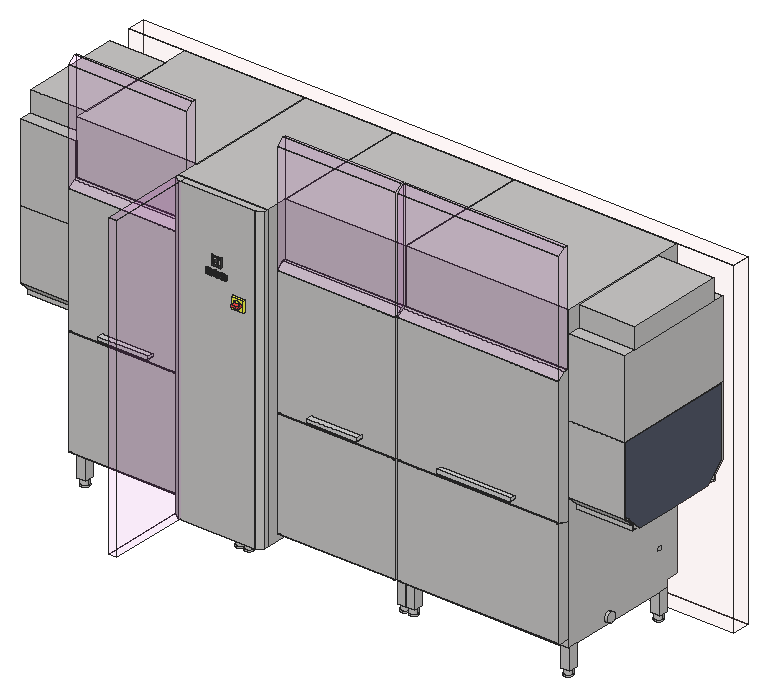
Revit family "QF_ELECTROLUXPROFESSIONAL_535142_EMRA060R", category Attrezzature speciali, Revit 2020
Family settings
  Quota connettore circolare = Usa diametro
  Tipo di parte = Normale
  Basato su piano di lavoro = No
  Sempre verticale = Sì
  Taglio con vuoti quando caricato = No
  Condiviso = No
  Punto di calcolo locali = No
Parameters (values of type "Standard")
  Weight = 569.00 kg
  Watts = 59800 W
  Volts = 380 V
  URL Manufacturer = "https://www.electroluxprofessional.com/"
  URL = "https://www.electroluxprofessional.com/"
  Steam Supply Size = 0 mm
  Steam Supply Minimum Pressure = 0.0 Pa
  Steam Supply Maximum Pressure = 0.0 Pa
  Steam Consumption per Hour = 0
  Show Logo [instance] = yes
  Show Clearance [instance] = yes
  Refrigeration Suction Line Size = 0 mm
  Refrigeration Liquid Line Size = 0 mm
  Refrigerant Compressor Remote = yes
  Prospetto di default = 0 mm
  Produttore = "Electrolux Professional"
  Phase = 3
  Modello = "EMRA060R"
  Length Actual = 3270 mm  # constant formula
  Item Number = "535142"
  Hot Water Size = 19.05 mm
  Height Actual = 1785 mm  # constant formula
  HP = "80.2 HP"
  Gas Size = 0 mm
  Gas KW = 0
  Gas Input Pressure = 0 W
  Direct Waste Size = 50 mm
  Descrizione = "MULTI RINSE RACK TYPE, DIN, A0 60, R>L"
  Depth Actual = 895 mm  # constant formula
  Cycle = 50 Hz
  Condensate Return Size = 0 mm
  Compressed Air Volume = 0.0 L/s
  Compressed Air Size = 0 mm
  Compressed Air Pressure = 0.0 Pa
  Cold Water Size = 19.05 mm
  Accessory = yes
Reference planes
  plane 1 "Center (Front/Back)": y = 50
  plane 2: z = 0
  plane 3 "LEFT": x = -776
  plane 4 "RIGHT": x = 2494
  plane 5 "BACK": y = 450
  plane 6: z = 2095
  plane 7: z = 1785
  plane 8: y = -220
  plane 9: x = 859
  plane 10: y = -277.999
  plane 11: through (319, 430.532, 4000) normal (0.7071, 0.7071, 0)
  plane 12: through (339, 430.532, 4000) normal (0.7071, -0.7071, 0)
  plane 13: through (509, 430.532, 4000) normal (0.7071, -0.7071, 0)
  plane 14: through (489, 430.532, 4000) normal (0.7071, 0.7071, 0)
  plane 15: through (404, -302, 4000) normal (0.7071, 0.7071, 0)
  plane 16: through (424, -302, 4000) normal (0.7071, -0.7071, 0)
  plane 17: through (0, 318, 353) normal (0, 0.7071, -0.7071)
  plane 18: through (0, 318, 373) normal (0, -0.7071, -0.7071)
Forms (mm)
  Extrusion 1, solid, material "QF_Finishes_Clearance", visible <- "Show Clearance"
    sketch origin (0, 0, 0) x (1, 0, 0) y (0, 1, 0)
      loop
        line (-776, 450) -> (2494, 450) -> (2494, 550) -> (-776, 550) -> (-776, 450)
    from 0 to 1785
  Extrusion 2, solid, material "QF_Finishes_Stainless Steel"
    sketch origin (-88.596, 247.509, 148) x (0, -1, 0) y (1, 0, 0)
      loop
        line (-163.023, 407.596) -> (-163.023, 427.596) -> (-183.023, 427.596) -> (-183.023, 407.596) -> (-163.023, 407.596)
    from 0 to 2
  Extrusion 3, solid, material "QF_Finishes_Stainless Steel"
    sketch origin (-481.617, 892.464, 1271.423) x (0, 0, -1) y (0, 1, 0)
      loop
        circle (1102.159, -772.464) r 10
    from -9.383 to 5.617
  Extrusion 4, solid, material "QF_Finishes_Stainless Steel"
    sketch origin (916.596, 247.509, 148) x (0, 1, 0) y (-1, 0, 0)
      loop
        line (163.023, 407.596) -> (183.023, 407.596) -> (183.023, 427.596) -> (163.023, 427.596) -> (163.023, 407.596)
    from 0 to 2
  Extrusion 5, solid, material "QF_Finishes_Stainless Steel"
    sketch origin (-3.596, -485.023, 148) x (0, -1, 0) y (1, 0, 0)
      loop
        line (-163.023, 407.596) -> (-163.023, 427.596) -> (-183.023, 427.596) -> (-183.023, 407.596) -> (-163.023, 407.596)
    from 0 to 2
  Extrusion 6, solid, material "QF_Finishes_Stainless Steel"
    sketch origin (-481.617, 752.464, 1271.423) x (0, 0, -1) y (0, 1, 0)
      loop
        circle (1102.159, -772.464) r 10
    from -9.383 to 5.617
  Extrusion 7, solid, material "QF_Finishes_Stainless Steel"
    sketch origin (2199.617, 752.464, 1289.423) x (0, 0, -1) y (0, -1, 0)
      loop
        circle (1102.159, 772.464) r 25
    from -9.383 to 5.617
  Extrusion 8, solid, material "QF_Finishes_Stainless Steel"
    sketch origin (-478, 249.977, 990.404) x (0, 0, 1) y (0, -1, 0)
      loop
        line (407.596, -163.023) -> (407.596, -183.023) -> (427.596, -183.023) -> (427.596, -163.023) -> (407.596, -163.023)
    from 0 to 2
  Extrusion 9, solid, material "QF_Finishes_Stainless Steel"
    sketch origin (-478, 249.977, 940.404) x (0, 0, 1) y (0, -1, 0)
      loop
        line (407.596, -163.023) -> (407.596, -183.023) -> (427.596, -183.023) -> (427.596, -163.023) -> (407.596, -163.023)
    from 0 to 2
  Extrusion 10, solid, material "QF_Finishes_Stainless Steel"
    sketch origin (2186, 249.977, 990.404) x (0, 0, 1) y (0, 1, 0)
      loop
        line (407.596, 163.023) -> (427.596, 163.023) -> (427.596, 183.023) -> (407.596, 183.023) -> (407.596, 163.023)
    from 0 to 2
  Extrusion 11, solid, material "QF_Finishes_Stainless Steel"
    sketch origin (2186, 249.977, 940.404) x (0, 0, 1) y (0, 1, 0)
      loop
        line (407.596, 163.023) -> (427.596, 163.023) -> (427.596, 183.023) -> (407.596, 183.023) -> (407.596, 163.023)
    from 0 to 2
  Extrusion 12, solid, material "QF_Finishes_Stainless Steel"
    sketch origin (2191, 154.977, -54.596) x (0, 0, 1) y (0, 1, 0)
      loop
        line (407.596, 163.023) -> (427.596, 163.023) -> (427.596, 183.023) -> (407.596, 183.023) -> (407.596, 163.023)
    from 0 to 2
  Extrusion 13, solid, material "QF_Finishes_Stainless Steel"
    sketch origin (-599.023, 452, -177.096) x (0, 0, 1) y (-1, 0, 0)
      loop
        line (407.596, -163.023) -> (407.596, -183.023) -> (427.596, -183.023) -> (427.596, -163.023) -> (407.596, -163.023)
    from 0 to 2
  Extrusion 14, solid, material "QF_Finishes_Stainless Steel"
    sketch origin (-478, 154.977, -54.596) x (0, 0, 1) y (0, -1, 0)
      loop
        line (407.596, -163.023) -> (407.596, -183.023) -> (427.596, -183.023) -> (427.596, -163.023) -> (407.596, -163.023)
    from 0 to 2
  Extrusion 15, solid, material "QF_Finishes_Door Clearance", visible <- "Show Clearance"
    sketch origin (979, 66.742, 602) x (0, 1, 0) y (0, 0, 1)
      loop
        line (-351.742, 1493) -> (-368.817, 1493) -> (-408.742, 1463.413) -> (-408.742, 861.413) -> (-368.817, 891) -> (-351.742, 891) -> (-351.742, 1493)
    from -320 to 320
  Extrusion 16, solid, material "QF_Finishes_Door Clearance", visible <- "Show Clearance"
    sketch origin (-150.352, 66.742, 602) x (0, 1, 0) y (0, 0, 1)
      loop
        line (-351.742, 1493) -> (-368.817, 1493) -> (-408.742, 1463.413) -> (-408.742, 861.413) -> (-368.817, 891) -> (-351.742, 891) -> (-351.742, 1493)
    from -320 to 320
  Extrusion 17, solid, material "QF_Finishes_Door Clearance", visible <- "Show Clearance"
    sketch origin (251.211, 799.242, 0) x (1, 0, 0) y (0, 1, 0)
      loop
        line (-76.563, -1201.332) -> (-76.563, -1674.242) -> (-34.063, -1674.242) -> (-34.063, -1201.332) -> (-76.563, -1201.332)
    from 150 to 1785
  Extrusion 18, solid, material "QF_Finishes_Door Clearance", visible <- "Show Clearance"
    sketch origin (1629, 66.742, 602) x (0, 1, 0) y (0, 0, 1)
      loop
        line (-351.742, 1493) -> (-368.817, 1493) -> (-408.742, 1463.413) -> (-408.742, 861.413) -> (-368.817, 891) -> (-351.742, 891) -> (-351.742, 1493)
    from -320 to 555
Dimensions and locks
  plane 3 "LEFT" to plane 4 "RIGHT" = 3270 mm
  plane 6 to level = 2095 mm
  plane 7 to level = 1785 mm
  nested 1 to level = 2095 mm
  nested 2 to plane 10 = 167 mm
  nested 4 to nested 5 = 2665 mm
  nested 7 to nested 4 = 796 mm
  nested 5 to nested 6 = 1681 mm
  nested 1 to Extrusion 1 = 300 mm
  Extrusion 1 to nested 3 = 1190 mm
  nested 2 to nested 3 = 894.999 mm
  plane 3 "LEFT" to plane 9 to plane 4 "RIGHT" = 1635 mm, 1635 mm
  aligned and locked: level to plane 2
Nested families
  nested 1: "MODULO_GRANDE - 650" at (-90.437, 61.742, 0), type "MODULO_GRANDE - 650"
    with Show Logo yes, Show Clearance yes
  nested 2: "MODULO_CENTRALE - 480" at (250.563, 799.242, 0), type "MODULO_CENTRALE - 480"
    with Show Right yes, Show Logo yes, Show Left no, Show Clearance yes
  nested 3: "MODULO_GRANDE - 650" at (1039.563, 61.742, 0), type "MODULO_GRANDE - 650"
    with Show Logo yes, Show Clearance yes
  nested 4: "Piedino_Square_150H" at (-452.5, -254.499, 0), type "Piedino_Square_150H"
  nested 5: "Piedino_Square_150H" at (2165.5, -254.499, 0), type "Piedino_Square_150H"
  nested 6: "Piedino_Square_150H" at (437.5, -254.499, 0), type "Piedino_Square_150H"
  nested 7: "Piedino_Square_150H" at (390.5, -254.499, 0), type "Piedino_Square_150H"
  nested 8: "Piedino_Square_150H" at (-452.5, 354.5, 0), type "Piedino_Square_150H"
  nested 9: "Piedino_Square_150H" at (2165.5, 354.5, 0), type "Piedino_Square_150H"
  nested 10: "Piedino_Square_150H" at (437.5, 354.5, 0), type "Piedino_Square_150H"
  nested 11: "Piedino_Square_150H" at (390.5, 354.5, 0), type "Piedino_Square_150H"
  nested 12: "HOODV_300" at (2577.563, 61.742, -112), type "HOODV_300"
  nested 13: "HOODV_300" at (-859.563, 61.742, -112) x (-1, 0, 0) z (0, 0, 1), type "HOODV_300"
  nested 14: "Piedino_Square_150H" at (1327.5, -254.499, 0), type "Piedino_Square_150H"
  nested 15: "Piedino_Square_150H" at (1280.5, -254.499, 0), type "Piedino_Square_150H"
  nested 16: "Piedino_Square_150H" at (1327.5, 354.5, 0), type "Piedino_Square_150H"
  nested 17: "Piedino_Square_150H" at (1280.5, 354.5, 0), type "Piedino_Square_150H"
  nested 18: "MODULO_GRANDE" at (1689.563, 61.742, 0), type "MODULO_GRANDE"
    with Show Logo yes, Show Clearance yes
  nested 19: "ELX_LOGO_WORDS_MEDIUM" at (414, -444.999, 1409.331) x (1, 0, 0) z (0, -1, 0), Show Logo <- "Show Logo", visible <- "Show Logo", type "ELX_LOGO_WORDS_MEDIUM"
    with Show Logo yes
  nested 20: "ELXP_LOGO_ONLY_MEDIUM" at (414, -444.999, 1469.642) x (1, 0, 0) z (0, -1, 0), Show Logo <- "Show Logo", visible <- "Show Logo", type "ELXP_LOGO_ONLY_MEDIUM"
    with Show Logo yes
Connectors
  electrical at (329, 420.532, 148)
    settings: on Extrusion 2, index 128, voltage 0 V, apparent load 0 VA, apparent load phase1 0 VA, apparent load phase2 0 VA, apparent load phase3 0 VA, power factor 1, load classification "Altro", number of poles 1, system type 30, power factor state 1, is connector primary yes, connector utility no, sub classification motor no, connector description "EI"
  piping at (-491, 120, 169.264), diameter 12.9
    settings: on Extrusion 3, index 137, connector inside diameter 609.6 mm, connector length 0 mm, flow factor 0, pipe flow 0.0 L/s, pressure drop 0.0 Pa, fitting loss kfactor 0, connector angle 0.00°, fixture units 0, engagement length 0 mm, angle of deflection 0.00°, flow configuration 0, flow direction 0, fitting loss method 0, system type 29, joint type 0, gender type 0, connector reference index -1, connector utility 0, adjustable connector no, is connector primary yes, connector description "WI"
  electrical at (499, 420.532, 148)
    settings: on Extrusion 4, index 142, voltage 0 V, apparent load 0 VA, apparent load phase1 0 VA, apparent load phase2 0 VA, apparent load phase3 0 VA, power factor 1, load classification "Altro", number of poles 1, system type 30, power factor state 1, is connector primary no, connector utility no, sub classification motor no, connector description "EI"
  electrical at (414, -312, 148)
    settings: on Extrusion 5, index 143, voltage 0 V, apparent load 0 VA, apparent load phase1 0 VA, apparent load phase2 0 VA, apparent load phase3 0 VA, power factor 1, load classification "Altro", number of poles 1, system type 30, power factor state 1, is connector primary no, connector utility no, sub classification motor no, connector description "EI"
  piping at (-491, -20, 169.264), diameter 12.9
    settings: on Extrusion 6, index 144, connector inside diameter 609.6 mm, connector length 0 mm, flow factor 0, pipe flow 0.0 L/s, pressure drop 0.0 Pa, fitting loss kfactor 0, connector angle 0.00°, fixture units 0, engagement length 0 mm, angle of deflection 0.00°, flow configuration 0, flow direction 0, fitting loss method 0, system type 29, joint type 0, gender type 0, connector reference index -1, connector utility 0, adjustable connector no, is connector primary no, connector description "CWI"
  piping at (2209, -20, 187.264), diameter 50
    settings: on Extrusion 7, index 145, connector inside diameter 609.6 mm, connector length 0 mm, flow factor 0, pipe flow 0.0 L/s, pressure drop 0.0 Pa, fitting loss kfactor 0, connector angle 0.00°, fixture units 0, engagement length 0 mm, angle of deflection 0.00°, flow configuration 0, flow direction 0, fitting loss method 0, system type 29, joint type 0, gender type 0, connector reference index -1, connector utility 0, adjustable connector no, is connector primary no, connector description "D"
  electrical at (-478, 423, 1408)
    settings: on Extrusion 8, index 147, voltage 0 V, apparent load 0 VA, apparent load phase1 0 VA, apparent load phase2 0 VA, apparent load phase3 0 VA, power factor 1, load classification "Altro", number of poles 1, system type 30, power factor state 1, is connector primary no, connector utility no, sub classification motor no, connector description "EO"
  electrical at (-478, 423, 1358)
    settings: on Extrusion 9, index 148, voltage 0 V, apparent load 0 VA, apparent load phase1 0 VA, apparent load phase2 0 VA, apparent load phase3 0 VA, power factor 1, load classification "Altro", number of poles 1, system type 30, power factor state 1, is connector primary no, connector utility no, sub classification motor no, connector description "ES"
  electrical at (2186, 423, 1408)
    settings: on Extrusion 10, index 149, voltage 0 V, apparent load 0 VA, apparent load phase1 0 VA, apparent load phase2 0 VA, apparent load phase3 0 VA, power factor 1, load classification "Altro", number of poles 1, system type 30, power factor state 1, is connector primary no, connector utility no, sub classification motor no, connector description "EO"
  electrical at (2186, 423, 1358)
    settings: on Extrusion 11, index 150, voltage 0 V, apparent load 0 VA, apparent load phase1 0 VA, apparent load phase2 0 VA, apparent load phase3 0 VA, power factor 1, load classification "Altro", number of poles 1, system type 30, power factor state 1, is connector primary no, connector utility no, sub classification motor no, connector description "ES"
  electrical at (2191, 328, 363)
    settings: on Extrusion 12, index 151, voltage 0 V, apparent load 0 VA, apparent load phase1 0 VA, apparent load phase2 0 VA, apparent load phase3 0 VA, power factor 1, load classification "Altro", number of poles 1, system type 30, power factor state 1, is connector primary no, connector utility no, sub classification motor no, connector description "ES"
  electrical at (-426, 452, 240.5)
    settings: on Extrusion 13, index 155, voltage 0 V, apparent load 0 VA, apparent load phase1 0 VA, apparent load phase2 0 VA, apparent load phase3 0 VA, power factor 1, load classification "Altro", number of poles 1, system type 30, power factor state 1, is connector primary no, connector utility no, sub classification motor no, connector description "EQ"
  electrical at (-478, 328, 363)
    settings: on Extrusion 14, index 156, voltage 0 V, apparent load 0 VA, apparent load phase1 0 VA, apparent load phase2 0 VA, apparent load phase3 0 VA, power factor 1, load classification "Altro", number of poles 1, system type 30, power factor state 1, is connector primary no, connector utility no, sub classification motor no, connector description "ES"
Definition of nested family "MODULO_GRANDE - 650"
  Parameters (values of type "MODULO_GRANDE - 650")
    URL = "http://professional.electrolux.com"
    Show Logo [instance] = yes
    Default Elevation = 0 mm
    Manufacturer = "Electrolux"
    Model = "ESR10E5"
    Length Actual = 0 mm
    Show Clearance [instance] = yes
    Height Actual = 0 mm
    Description = "SINGLE RINSE RT, 100R/H, ELECTRIC 50HZ"
    Depth Actual = 0 mm
  Reference planes
    plane 1: z = 0
    plane 2 "LEFT": x = -385.563
    plane 3 "RIGHT": x = 264.437
    plane 4 "BACK": y = 388.258
    plane 5 "FEET": z = 150
    plane 6: z = 2095
    plane 7 "TOP": z = 1785
  Forms (mm)
    Extrusion 1, solid
      sketch origin (-727.563, 442.565, 4000) x (0, 1, 0) y (0, 0, 1)
        loop
          line (-54.307, -2507) -> (-786.307, -2507) -> (-786.307, -3850) -> (-126.307, -3850) -> (-126.307, -3812) -> (-54.307, -3812) -> (-54.307, -2507)
      from 992 to 342
    Extrusion 2, solid
      sketch origin (105, 0, 0) x (1, 0, 0) y (0, 1, 0)
        loop
          line (-490.563, 388.258) -> (-490.563, -343.742) -> (159.437, -343.742) -> (159.437, 388.258) -> (-490.563, 388.258)
      from 1493 to 1785
  Dimensions and locks
    plane 2 "LEFT" to plane 3 "RIGHT" = 650 mm
    plane 5 "FEET" to level = 150 mm
    plane 5 "FEET" to plane 7 "TOP" = 1635 mm
    plane 3 "RIGHT" to plane 2 "LEFT" = 650 mm
    plane 4 "BACK" to Extrusion 2 = 732 mm
    aligned and locked: level to plane 1
  Nested families
    nested 1: "Door_650_DISHWASHING" at (-452, 5, 0), type "Door_650_DISHWASHING"
      with Show Clearance yes
  Definition of nested family "Door_650_DISHWASHING"
    Parameters (values of type "Door_650_DISHWASHING")
      Show Clearance [instance] = yes
      Default Elevation = 0 mm
    Reference planes
      plane 1: z = 0
      plane 2 "Center Y": x = 391.437
      plane 3 "LEFT": x = 71.437
      plane 4 "RIGHT": x = 711.437
      plane 5 "FRONT": y = -408.742
      plane 6: z = 150
      plane 7: y = -348.742
    Forms (mm)
      Extrusion 1, solid
        sketch origin (766.937, -408.742, 1493) x (0, 0, -1) y (1, 0, 0)
          loop
            line (686, -505.5) -> (686, -245.5)
            arc (686, -245.5) -> (684.536, -241.964) -> (681, -240.5) r 5
            line (681, -240.5) -> (666, -240.5) -> (666, -510.5) -> (681, -510.5)
            arc (681, -510.5) -> (684.536, -509.036) -> (686, -505.5) r 5
        from 0 to 30
      Extrusion 2, solid
        sketch origin (391.437, 0, 0) x (0, 1, 0) y (0, 0, 1)
          loop
            line (-348.742, 188) -> (-348.742, 758.131) -> (-405.595, 774.035)
            arc (-405.595, 774.035) -> (-407.764, 773.603) -> (-408.742, 771.62) r 2.5
            line (-408.742, 771.62) -> (-408.742, 190.5)
            arc (-408.742, 190.5) -> (-408.01, 188.732) -> (-406.242, 188) r 2.5
            line (-406.242, 188) -> (-348.742, 188)
        from -320 to 320
      Extrusion 3, solid
        sketch origin (391.437, 0, 0) x (0, 1, 0) y (0, 0, 1)
          loop
            line (-351.742, 1493) -> (-368.817, 1493) -> (-408.742, 1463.413) -> (-408.742, 778.225)
            arc (-408.742, 778.225) -> (-408.225, 776.703) -> (-406.889, 775.81) r 2.5
            line (-406.889, 775.81) -> (-354.889, 761.206)
            arc (-354.889, 761.206) -> (-352.72, 761.638) -> (-351.742, 763.621) r 2.5
            line (-351.742, 763.621) -> (-351.742, 1493)
        from -320 to 320
    Lines and regions (mm)
      symbolic lines
        curve 1: line (76.437, -408.742, 1785) -> (76.437, -348.742, 1785)
        curve 2: line (706.437, -408.742, 1785) -> (76.437, -408.742, 1785)
        curve 3: line (706.437, -348.742, 1785) -> (706.437, -408.742, 1785)
        curve 4: line (191.437, -438.742, 1785) -> (191.437, -408.742, 1785)
        curve 5: line (591.437, -438.742, 1785) -> (191.437, -438.742, 1785)
        curve 6: line (591.437, -408.742, 1785) -> (591.437, -438.742, 1785)
    Dimensions and locks
      plane 3 "LEFT" to plane 4 "RIGHT" = 640 mm
      plane 6 to level = 150 mm
      equal spacing: plane 3 "LEFT", plane 2 "Center Y", plane 4 "RIGHT"
      plane 4 "RIGHT" to plane 3 "LEFT" = 640 mm
      aligned and locked: level to plane 1
    Automatic sketch dimensions
      Extrusion 2 sketch curve to plane 5 "FRONT" = 0 mm
      Extrusion 2 sketch curve to plane 7 = 0 mm
      plane 5 "FRONT" to Extrusion 2 sketch curve = 2.5 mm
      Extrusion 2 sketch curve to Extrusion 2 sketch curve = 2.5 mm
      Extrusion 2 sketch curve to Extrusion 2 sketch curve = 0.647 mm
      plane 6 to Extrusion 2 sketch curve = 38 mm
      Extrusion 2 sketch curve to Extrusion 2 sketch curve = 570.131 mm
      Extrusion 2 sketch curve to Extrusion 2 sketch curve = 13.489 mm
      Extrusion 3 sketch curve to plane 5 "FRONT" = 0 mm
      plane 5 "FRONT" to Extrusion 3 sketch curve = 1.853 mm
      Extrusion 3 sketch curve to Extrusion 3 sketch curve = 0.647 mm  (x2)
      Extrusion 3 sketch curve to plane 7 = 20.076 mm
      Extrusion 3 sketch curve to plane 7 = 6.147 mm
      Extrusion 3 sketch curve to plane 7 = 3 mm
      plane 6 to Extrusion 3 sketch curve = 611.206 mm
      Extrusion 3 sketch curve to Extrusion 3 sketch curve = 14.603 mm
      Extrusion 3 sketch curve to Extrusion 3 sketch curve = 685.188 mm
      Extrusion 3 sketch curve to Extrusion 3 sketch curve = 29.587 mm
      curve 1 to plane 7 = 0 mm
      curve 3 to plane 7 = 0 mm
      curve 2 to plane 5 "FRONT" = 0 mm
      curve 5 to plane 5 "FRONT" = 30 mm
      plane 3 "LEFT" to curve 2 = 5 mm
      curve 5 to plane 2 "Center Y" = 200 mm
      plane 2 "Center Y" to curve 5 = 200 mm
      curve 2 to plane 4 "RIGHT" = 5 mm
      Extrusion 1 sketch curve to plane 2 "Center Y" = 135 mm
      plane 6 to Extrusion 1 sketch curve = 677 mm
      Extrusion 1 sketch curve to Extrusion 1 sketch curve = 15 mm
      Extrusion 1 sketch curve to Extrusion 1 sketch curve = 5 mm  (x2)
      plane 2 "Center Y" to Extrusion 1 sketch curve = 130 mm
Definition of nested family "MODULO_CENTRALE - 480"
  Parameters (values of type "MODULO_CENTRALE - 480")
    Show Right [instance] = not(Show Left)  # yes
    Show Logo [instance] = yes
    Show Left [instance] = no
    Show Clearance [instance] = yes
    Default Elevation = 0 mm
  Reference planes
    plane 1: z = 0
    plane 2 "LEFT": x = -76.563
    plane 3 "BACK": y = -349.242
    plane 4: z = 150
    plane 5: x = 403.437
    plane 6: y = -1244.241
    plane 7: x = 163.438
    plane 8: y = -1674.242
  Forms (mm)
    Extrusion 1, solid
      sketch origin (-163.616, -620, 0) x (1, 0, 0) y (0, 1, 0)
        loop
          line (87.054, 270.758) -> (87.054, -581.332) -> (567.054, -581.332) -> (567.054, 270.758) -> (87.054, 270.758)
      from 150 to 1785
    Extrusion 2, solid
      sketch origin (0, -740.199, 0) x (1, 0, 0) y (0, 1, 0)
        loop
          line (371.13, -504.042) -> (371.973, -503.729) -> (402.789, -480.925) -> (403.437, -479.639) -> (403.437, -461.133) -> (-76.563, -461.133) -> (-76.563, -479.639) -> (-75.915, -480.925) -> (-45.099, -503.729) -> (-44.256, -504.042) -> (371.13, -504.042)
      from 150 to 1785
  Dimensions and locks
    plane 4 to level = 150 mm
    Extrusion 1 to Extrusion 1 = 1635 mm
    plane 5 to plane 2 "LEFT" = 480 mm
    plane 3 "BACK" to plane 8 = 1325 mm
    aligned and locked: level to plane 1
  Nested families
    nested 1: "ON_OFF_GIALLO" at (282.917, -1244.241, 1304.8) x (-1, 0, 0) z (0, -1, 0), visible <- "Show Right", type "ON_OFF_GIALLO"
  Definition of nested family "ON_OFF_GIALLO"
    Parameters
      Default Elevation = 1219.2 mm
    Reference planes
      plane 1 "Centro (Fronte/Retro)": y = 0
      plane 2: z = 0
      plane 3 "Centro (Sinistra/Destra)": x = 0
    Forms (mm)
      Extrusion 1, solid
        sketch origin (0, 0, 0) x (1, 0, 0) y (0, 1, 0)
          loop
            line (-1219.2, 1219.2) -> (-1219.2, -1219.2) -> (1219.2, -1219.2) -> (1219.2, 1219.2) -> (-1219.2, 1219.2)
        from 0 to -304.8
      Blend 2, solid
        base sketch origin (209.903, -1304.8, -0.8) x (-1, 0, 0) y (0, -1, 0)
          loop
            arc (241.024, -1337.8) -> (242.365, -1337.262) -> (242.903, -1335.921) r 1.838
            line (242.903, -1335.921) -> (242.903, -1273.679)
            arc (242.903, -1273.679) -> (242.365, -1272.338) -> (241.024, -1271.8) r 1.838
            line (241.024, -1271.8) -> (178.782, -1271.8)
            arc (178.782, -1271.8) -> (177.441, -1272.338) -> (176.903, -1273.679) r 1.838
            line (176.903, -1273.679) -> (176.903, -1335.921)
            arc (176.903, -1335.921) -> (177.441, -1337.262) -> (178.782, -1337.8) r 1.838
            line (178.782, -1337.8) -> (241.024, -1337.8)
        top sketch origin (209.903, -1304.8, -0.8) x (-1, 0, 0) y (0, -1, 0)
          loop
            line (238.946, -1275.8) -> (180.86, -1275.8) -> (180.86, -1333.8) -> (238.946, -1333.8) -> (238.946, -1275.8)
        from 0.8 to 10.3
      Blend 3, solid
        base sketch origin (209.903, -1304.8, 10.2) x (-1, 0, 0) y (0, -1, 0)
          loop
            arc (224.427, -1310.95) -> (230.577, -1304.8) -> (224.427, -1298.65) r 6.15
            line (224.427, -1298.65) -> (195.379, -1298.65)
            arc (195.379, -1298.65) -> (189.229, -1304.8) -> (195.379, -1310.95) r 6.15
            line (195.379, -1310.95) -> (224.427, -1310.95)
        top sketch origin (209.903, -1304.8, 10.2) x (-1, 0, 0) y (0, -1, 0)
          loop
            arc (195.379, -1300.65) -> (191.229, -1304.8) -> (195.379, -1308.95) r 4.15
            line (195.379, -1308.95) -> (224.427, -1308.95)
            arc (224.427, -1308.95) -> (228.577, -1304.8) -> (224.427, -1300.65) r 4.15
            line (224.427, -1300.65) -> (195.379, -1300.65)
        from -2 to 23
      Extrusion 4, void
        sketch origin (-143.534, -1304.8, -504.042) x (1, 0, 0) y (0, 0, -1)
          loop
            line (117.69, -537.242) -> (135.678, -537.242) -> (132.541, -536.135) -> (117.69, -524.167) -> (117.69, -537.242)
        from 1298.65 to 1310.95
      Extrusion 5, void
        sketch origin (209.903, -1304.8, 9.5) x (0, -1, 0) y (-1, 0, 0)
          loop
            circle (-1304.8, 209.903) r 21
        from 0 to 2
    Cuts and joins
      Extrusion 4 cuts Blend 3
      Extrusion 5 cuts Blend 2
    Dimensions and locks
      aligned and locked: plane 2 to Extrusion 1
      aligned and locked: level to Extrusion 1
Definition of nested family "Piedino_Square_150H"
  Parameters (values of type "Piedino_Square_150H")
    Default Elevation = 0 mm
  Reference planes
    plane 1 "Centro (Fronte/Retro)": y = 0
    plane 2: z = 0
    plane 3 "Centro (Sinistra/Destra)": x = 0
    plane 4: z = 150
  Forms (mm)
    Extrusion 1, solid
      sketch origin (0, 0, 0) x (1, 0, 0) y (0, 1, 0)
        loop
          circle (0, 0) r 23
      from 0 to 5
    Extrusion 2, solid
      sketch origin (0, 0, 5) x (1, 0, 0) y (0, 1, 0)
        loop
          circle (0, 0) r 20
      from 0 to 29.114
    Extrusion 3, solid
      sketch origin (0, 0, 34.114) x (1, 0, 0) y (0, 1, 0)
        loop
          line (-23.5, 23.5) -> (-23.5, -23.5) -> (23.5, -23.5) -> (23.5, 23.5) -> (-23.5, 23.5)
      from 0 to 115.886
  Dimensions and locks
    plane 4 to level = 150 mm
    radius of Extrusion 1 sketch curve = 23 mm
    aligned and locked: level to plane 2
    aligned and locked: Extrusion 1 to level
Definition of nested family "HOODV_300"
  Parameters (values of type "HOODV_300")
    URL = "http://professional.electrolux.com"
    Default Elevation = 0 mm
    Manufacturer = "Electrolux"
    Model = "ESR10E5"
    Description = "SINGLE RINSE RT, 100R/H, ELECTRIC 50HZ"
  Reference planes
    plane 1 "Center X": y = -16.742
    plane 2: z = 0
    plane 3 "LEFT": x = -383.563
    plane 4 "RIGHT": x = -83.563
    plane 5 "BACK": y = 388.258
    plane 6: z = 900
    plane 7 "TOP": z = 1785
    plane 8 "FRONT": y = -408.742
    plane 9: y = -348.742
    plane 10: z = 1365
  Forms (mm)
    Extrusion 1, solid
      sketch origin (293.437, 0, 235) x (0, 1, 0) y (0, 0, 1)
        loop
          line (316.258, 1550) -> (-348.742, 1550) -> (-348.742, 1130) -> (316.258, 1130) -> (316.258, 1550)
      from -677 to -377
    Extrusion 2, solid
      sketch origin (-83.563, 415.936, 4000) x (0, 1, 0) y (0, 0, 1)
        loop
          line (-764.678, -2635) -> (-764.678, -3010) -> (-711.645, -3063.033) -> (-711.645, -3088.033) -> (-691.645, -3088.033) -> (-691.645, -3084.033) -> (-707.645, -3084.033) -> (-707.645, -3061.376) -> (-760.678, -3008.343) -> (-760.678, -2639) -> (-103.678, -2639) -> (-103.678, -3008.343) -> (-156.711, -3061.376) -> (-156.711, -3084.033) -> (-172.711, -3084.033) -> (-172.711, -3088.033) -> (-152.711, -3088.033) -> (-152.711, -3063.033) -> (-99.678, -3010) -> (-99.678, -2635) -> (-764.678, -2635)
      from -300 to 0
    Extrusion 3, solid
      sketch origin (-83.563, 479.936, 4000) x (0, 1, 0) y (0, 0, 1)
        loop
          line (-265.178, -3095) -> (-169.327, -2999.149) -> (-169.327, -2639) -> (-819.029, -2639) -> (-819.029, -2999.149) -> (-723.178, -3095) -> (-522.318, -3095) -> (-265.178, -3095)
      from 0 to -2
    Extrusion 4, solid
      sketch origin (0, 0, 1785) x (1, 0, 0) y (0, 1, 0)
        loop
          line (-383.563, 257.258) -> (-383.563, -279.742) -> (-83.563, -279.742) -> (-83.563, 257.258) -> (-383.563, 257.258)
      from 0 to 112
  Lines and regions (mm)
    symbolic lines
      curve 1: line (-383.563, 316.258, 0) -> (-83.563, 316.258, 0)
      curve 2: line (-383.563, -348.742, 0) -> (-383.563, 316.258, 0)
      curve 3: line (-83.563, -348.742, 0) -> (-383.563, -348.742, 0)
      curve 4: line (-83.563, 316.258, 0) -> (-83.563, -348.742, 0)
      curve 5: line (-383.563, 257.258, 0) -> (-83.563, 257.258, 0)
      curve 6: line (-83.563, -279.742, 0) -> (-383.563, -279.742, 0)
  Dimensions and locks
    plane 3 "LEFT" to plane 4 "RIGHT" = 300 mm
    plane 5 "BACK" to plane 1 "Center X" to plane 8 "FRONT" = 405 mm, 392 mm
    plane 6 to level = 900 mm
    plane 6 to plane 7 "TOP" = 885 mm
    plane 5 "BACK" to plane 8 "FRONT" = 797 mm  (x2)
    plane 4 "RIGHT" to plane 3 "LEFT" = 300 mm
    plane 7 "TOP" to plane 10 = 420 mm
    plane 8 "FRONT" to plane 9 = 60 mm
    aligned and locked: level to plane 2
Definition of nested family "MODULO_GRANDE"
  Parameters (values of type "MODULO_GRANDE")
    URL = "http://professional.electrolux.com"
    Show Logo [instance] = yes
    Default Elevation = 0 mm
    Manufacturer = "Electrolux"
    Model = "ESR10E5"
    Length Actual = 0 mm
    Show Clearance [instance] = yes
    Height Actual = 0 mm
    Description = "SINGLE RINSE RT, 100R/H, ELECTRIC 50HZ"
    Depth Actual = 0 mm
  Reference planes
    plane 1: z = 0
    plane 2 "LEFT": x = -385.563
    plane 3 "RIGHT": x = 499.437
    plane 4 "BACK": y = 388.258
    plane 5 "FEET": z = 150
    plane 6: z = 2095
    plane 7 "TOP": z = 1785
  Forms (mm)
    Extrusion 1, solid
      sketch origin (-727.563, 442.565, 4000) x (0, 1, 0) y (0, 0, 1)
        loop
          line (-54.307, -2507) -> (-786.307, -2507) -> (-786.307, -3850) -> (-126.307, -3850) -> (-126.307, -3812) -> (-54.307, -3812) -> (-54.307, -2507)
      from 1227 to 342
    Extrusion 2, solid
      sketch origin (105, 0, 0) x (1, 0, 0) y (0, 1, 0)
        loop
          line (-490.563, 388.258) -> (-490.563, -343.742) -> (394.437, -343.742) -> (394.437, 388.258) -> (-490.563, 388.258)
      from 1493 to 1785
  Dimensions and locks
    plane 2 "LEFT" to plane 3 "RIGHT" = 885 mm
    plane 5 "FEET" to level = 150 mm
    plane 5 "FEET" to plane 7 "TOP" = 1635 mm
    plane 3 "RIGHT" to plane 2 "LEFT" = 885 mm
    plane 4 "BACK" to Extrusion 2 = 732 mm
    aligned and locked: level to plane 1
  Nested families
    nested 1: "Door_30''_DISHWASHING" at (-457, 5, 0), Show Clearance <- "Show Clearance", type "Door_30''_DISHWASHING"
  Definition of nested family "Door_30''_DISHWASHING"
    Parameters (values of type "Door_30''_DISHWASHING")
      Show Clearance [instance] = yes
      Default Elevation = 0 mm
    Reference planes
      plane 1: z = 0
      plane 2 "Center Y": x = 513.937
      plane 3 "LEFT": x = 71.437
      plane 4 "RIGHT": x = 956.437
      plane 5 "FRONT": y = -408.742
      plane 6: z = 150
      plane 7: y = -348.742
    Forms (mm)
      Extrusion 1, solid
        sketch origin (884.437, -408.742, 1493) x (0, 0, -1) y (1, 0, 0)
          loop
            line (666, -570.5) -> (681, -570.5)
            arc (681, -570.5) -> (684.536, -569.036) -> (686, -565.5) r 5
            line (686, -565.5) -> (686, -175.5)
            arc (686, -175.5) -> (684.536, -171.964) -> (681, -170.5) r 5
            line (681, -170.5) -> (666, -170.5) -> (666, -570.5)
        from 0 to 30
      Extrusion 2, solid
        sketch origin (513.937, 0, 0) x (0, 1, 0) y (0, 0, 1)
          loop
            line (-348.742, 188) -> (-348.742, 758.131) -> (-405.595, 774.035)
            arc (-405.595, 774.035) -> (-407.764, 773.603) -> (-408.742, 771.62) r 2.5
            line (-408.742, 771.62) -> (-408.742, 190.5)
            arc (-408.742, 190.5) -> (-408.01, 188.732) -> (-406.242, 188) r 2.5
            line (-406.242, 188) -> (-348.742, 188)
        from -437.5 to 437.5
      Extrusion 3, solid
        sketch origin (513.937, 0, 0) x (0, 1, 0) y (0, 0, 1)
          loop
            line (-351.742, 1493) -> (-368.817, 1493) -> (-408.742, 1463.413) -> (-408.742, 778.225)
            arc (-408.742, 778.225) -> (-408.225, 776.703) -> (-406.889, 775.81) r 2.5
            line (-406.889, 775.81) -> (-354.889, 761.206)
            arc (-354.889, 761.206) -> (-352.72, 761.638) -> (-351.742, 763.621) r 2.5
            line (-351.742, 763.621) -> (-351.742, 1493)
        from -437.5 to 437.5
    Lines and regions (mm)
      symbolic lines
        curve 1: line (76.437, -408.742, 1785) -> (76.437, -348.742, 1785)
        curve 2: line (951.437, -408.742, 1785) -> (76.437, -408.742, 1785)
        curve 3: line (951.437, -348.742, 1785) -> (951.437, -408.742, 1785)
        curve 4: line (313.937, -438.742, 1785) -> (313.937, -408.742, 1785)
        curve 5: line (713.937, -438.742, 1785) -> (313.937, -438.742, 1785)
        curve 6: line (713.937, -408.742, 1785) -> (713.937, -438.742, 1785)
    Dimensions and locks
      plane 3 "LEFT" to plane 4 "RIGHT" = 885 mm
      plane 6 to level = 150 mm
      equal spacing: plane 3 "LEFT", plane 2 "Center Y", plane 4 "RIGHT"
      aligned and locked: level to plane 1
      aligned and locked: Extrusion 3 to Extrusion 2
    Automatic sketch dimensions
      Extrusion 1 sketch curve to plane 2 "Center Y" = 200 mm
      plane 6 to Extrusion 1 sketch curve = 677 mm
      Extrusion 1 sketch curve to Extrusion 1 sketch curve = 15 mm  (x2)
      Extrusion 1 sketch curve to Extrusion 1 sketch curve = 5 mm
      plane 2 "Center Y" to Extrusion 1 sketch curve = 195 mm
      Extrusion 2 sketch curve to plane 5 "FRONT" = 0 mm
      Extrusion 2 sketch curve to plane 7 = 0 mm
      plane 5 "FRONT" to Extrusion 2 sketch curve = 2.5 mm
      Extrusion 2 sketch curve to Extrusion 2 sketch curve = 2.5 mm
      Extrusion 2 sketch curve to Extrusion 2 sketch curve = 0.647 mm
      plane 6 to Extrusion 2 sketch curve = 38 mm
      Extrusion 2 sketch curve to Extrusion 2 sketch curve = 570.131 mm
      Extrusion 2 sketch curve to Extrusion 2 sketch curve = 13.489 mm
      Extrusion 3 sketch curve to plane 5 "FRONT" = 0 mm
      plane 5 "FRONT" to Extrusion 3 sketch curve = 1.853 mm
      Extrusion 3 sketch curve to Extrusion 3 sketch curve = 0.647 mm  (x2)
      Extrusion 3 sketch curve to plane 7 = 20.076 mm
      Extrusion 3 sketch curve to plane 7 = 6.147 mm
      Extrusion 3 sketch curve to plane 7 = 3 mm
      plane 6 to Extrusion 3 sketch curve = 611.206 mm
      Extrusion 3 sketch curve to Extrusion 3 sketch curve = 14.603 mm
      Extrusion 3 sketch curve to Extrusion 3 sketch curve = 685.188 mm
      Extrusion 3 sketch curve to Extrusion 3 sketch curve = 29.587 mm
      curve 1 to plane 7 = 0 mm
      curve 3 to plane 7 = 0 mm
      curve 2 to plane 5 "FRONT" = 0 mm
      curve 5 to plane 5 "FRONT" = 30 mm
      plane 3 "LEFT" to curve 2 = 5 mm
      curve 5 to plane 2 "Center Y" = 200 mm
      plane 2 "Center Y" to curve 5 = 200 mm
      curve 2 to plane 4 "RIGHT" = 5 mm
Definition of nested family "ELX_LOGO_WORDS_MEDIUM"
  Parameters (values of type "ELX_LOGO_WORDS_MEDIUM")
    Show Logo [instance] = yes
    Default Elevation = 0 mm
  Reference planes
    plane 1 "Centro (Fronte/Retro)": y = 0
    plane 2: z = 0
    plane 3 "Centro (Sinistra/Destra)": x = 0
  Forms (mm)
    Extrusion 1, solid
      sketch origin (0, 0, 0) x (1, 0, 0) y (0, 1, 0)
        loop
          line (-1219.2, 1219.2) -> (-1219.2, -1219.2) -> (1219.2, -1219.2) -> (1219.2, 1219.2) -> (-1219.2, 1219.2)
      from 0 to -304.8
    Extrusion 2, solid, visible <- "Show Logo"
      sketch origin (0, 0, 0) x (1, 0, 0) y (0, 1, 0)
        loop
          line (-45.351, 15.842) -> (-56.505, 15.842) -> (-56.505, 2.853)
          arc (-56.505, 2.853) -> (-55.037, -0.691) -> (-51.493, -2.159) r 5.012
          line (-51.493, -2.159) -> (-45.135, -2.159) -> (-45.135, 0.755) -> (-50.767, 0.755)
          arc (-50.767, 0.755) -> (-52.618, 1.38) -> (-53.406, 3.168) r 2.423
          line (-53.406, 3.168) -> (-53.406, 5.743) -> (-45.833, 5.743) -> (-45.833, 8.668) -> (-53.406, 8.668) -> (-53.406, 12.925) -> (-45.351, 12.925) -> (-45.351, 15.842)
        loop
          line (-42.933, 15.842) -> (-42.933, -2.159) -> (-39.832, -2.159) -> (-39.832, 15.842) -> (-42.933, 15.842)
        loop
          line (24.405, 15.842) -> (24.405, -2.159) -> (27.508, -2.159) -> (27.508, 15.842) -> (24.405, 15.842)
        loop
          line (-34.705, 3.589) -> (-24.531, 3.589)
          arc (-24.531, 3.589) -> (-26.123, 9.178) -> (-31.565, 11.217) r 6.447
          arc (-31.565, 11.217) -> (-36.358, 8.786) -> (-37.726, 3.589) r 6.56
          arc (-37.726, 3.589) -> (-35.926, -0.757) -> (-31.58, -2.557) r 6.146
          arc (-31.58, -2.557) -> (-28.198, -2.058) -> (-25.362, -0.149) r 7.726
          line (-25.362, -0.149) -> (-27.199, 1.688)
          arc (-27.199, 1.688) -> (-29.61, 0.242) -> (-32.411, 0.485) r 4.558
          arc (-32.411, 0.485) -> (-34.119, 1.622) -> (-34.705, 3.589) r 3.019
        loop
          line (-34.628, 5.769) -> (-27.646, 5.769)
          arc (-27.646, 5.769) -> (-28.626, 7.83) -> (-30.779, 8.59) r 2.974
          arc (-30.779, 8.59) -> (-33.263, 7.943) -> (-34.628, 5.769) r 3.481
        loop
          line (-12.445, 7.067) -> (-10.499, 9.013)
          arc (-10.499, 9.013) -> (-12.94, 10.78) -> (-15.907, 11.309) r 6.746
          arc (-15.907, 11.309) -> (-20.432, 9.655) -> (-22.806, 5.463) r 6.977
          arc (-22.806, 5.463) -> (-18.803, -1.885) -> (-10.608, -0.191) r 7.026
          line (-10.608, -0.191) -> (-12.544, 1.745)
          arc (-12.544, 1.745) -> (-16.723, 0.362) -> (-19.717, 3.589) r 4.071
          arc (-19.717, 3.589) -> (-19.509, 6.14) -> (-17.752, 8.002) r 3.867
          arc (-17.752, 8.002) -> (-14.941, 8.431) -> (-12.445, 7.067) r 4.442
        loop
          line (-8.594, 15.842) -> (-8.594, 3.541)
          arc (-8.594, 3.541) -> (-8.326, 1.695) -> (-7.635, -0.038) r 7.951
          arc (-7.635, -0.038) -> (-5.422, -1.797) -> (-2.62, -2.167) r 5.297
          line (-2.62, -2.167) -> (-2.62, 0.738)
          arc (-2.62, 0.738) -> (-3.453, 0.802) -> (-4.23, 1.109) r 2.792
          arc (-4.23, 1.109) -> (-5.227, 2.163) -> (-5.494, 3.589) r 2.57
          line (-5.494, 3.589) -> (-5.494, 8.043) -> (-2.678, 8.043) -> (-2.678, 10.86) -> (-5.494, 10.86) -> (-5.494, 15.842) -> (-8.594, 15.842)
        loop
          arc (3.006, 4.684) -> (3.228, 5.982) -> (3.868, 7.133) r 3.911
          arc (3.868, 7.133) -> (5.725, 8.086) -> (7.812, 8.043) r 4.26
          line (7.812, 8.043) -> (7.812, 11.023)
          arc (7.812, 11.023) -> (5.085, 10.766) -> (3.006, 8.983) r 4.524
          line (3.006, 8.983) -> (3.006, 10.86) -> (-0.069, 10.86) -> (-0.069, -2.159) -> (3.006, -2.159) -> (3.006, 4.684)
        loop
          circle (15.393, 4.348) r 6.899
        loop
          circle (15.393, 4.348) r 4.181
        loop
          arc (38.69, 3.262) -> (37.924, 1.158) -> (35.848, 0.319) r 2.752
          arc (35.848, 0.319) -> (33.771, 1.158) -> (33.005, 3.262) r 2.752
          line (33.005, 3.262) -> (33.005, 10.859) -> (29.879, 10.859) -> (29.879, 3.004)
          arc (29.879, 3.004) -> (31.658, -1.052) -> (35.848, -2.489) r 5.512
          arc (35.848, -2.489) -> (40.084, -1.008) -> (41.815, 3.132) r 5.512
          line (41.815, 3.132) -> (41.815, 10.859) -> (38.69, 10.859) -> (38.69, 3.262)
        loop
          line (43.689, 10.859) -> (48.192, 4.746) -> (43.245, -2.164) -> (46.578, -2.164) -> (49.861, 2.422) -> (53.193, -2.164) -> (56.505, -2.164) -> (51.629, 4.817) -> (56.087, 10.859) -> (52.703, 10.859) -> (49.851, 6.995) -> (47.043, 10.859) -> (43.689, 10.859)
        loop
          line (-53.813, -9.621) -> (-56.285, -9.621) -> (-56.285, -15.847) -> (-54.932, -15.847) -> (-54.932, -13.703) -> (-53.437, -13.703)
          arc (-53.437, -13.703) -> (-51.764, -11.49) -> (-53.813, -9.621) r 2.058
        loop
          arc (-53.496, -12.48) -> (-52.984, -11.679) -> (-53.496, -10.879) r 0.881
          line (-53.496, -10.879) -> (-54.932, -10.879) -> (-54.932, -12.48) -> (-53.496, -12.48)
        loop
          line (-44.045, -9.621) -> (-46.56, -9.621) -> (-46.56, -15.847) -> (-45.207, -15.847) -> (-45.207, -13.703) -> (-43.898, -13.703) -> (-43.003, -15.847) -> (-41.55, -15.847) -> (-42.774, -13.222)
          arc (-42.774, -13.222) -> (-42.188, -12.521) -> (-41.991, -11.628) r 1.922
          arc (-41.991, -11.628) -> (-42.609, -10.206) -> (-44.045, -9.621) r 2.055
        loop
          line (-45.207, -10.879) -> (-45.207, -12.48) -> (-43.771, -12.48)
          arc (-43.771, -12.48) -> (-43.258, -11.679) -> (-43.771, -10.879) r 0.881
          line (-43.771, -10.879) -> (-45.207, -10.879)
        loop
          circle (-33.602, -12.734) r 3.233
        loop
          circle (-33.602, -12.734) r 2.052
        loop
          line (-25.054, -9.622) -> (-25.054, -15.847) -> (-23.734, -15.847) -> (-23.734, -13.671) -> (-21.392, -13.671) -> (-21.392, -12.276) -> (-23.734, -12.276) -> (-23.734, -10.963) -> (-21.167, -10.963) -> (-21.167, -9.622) -> (-25.054, -9.622)
        loop
          line (-15.917, -9.622) -> (-15.917, -13.825)
          arc (-15.917, -13.825) -> (-15.343, -15.249) -> (-13.926, -15.842) r 1.991
          line (-13.926, -15.842) -> (-11.917, -15.842) -> (-11.917, -14.666) -> (-13.806, -14.666)
          arc (-13.806, -14.666) -> (-14.501, -14.091) -> (-14.638, -13.198) r 1.267
          line (-14.638, -13.198) -> (-12.15, -13.198) -> (-12.15, -12.023) -> (-14.638, -12.023) -> (-14.638, -10.797) -> (-11.977, -10.797) -> (-11.977, -9.622) -> (-15.917, -9.622)
        loop
          arc (6.626, -10.41) -> (5.801, -9.733) -> (4.757, -9.518) r 2.228
          arc (4.757, -9.518) -> (3.792, -9.755) -> (2.999, -10.352) r 2.468
          arc (2.999, -10.352) -> (2.853, -11.766) -> (3.765, -12.856) r 1.825
          arc (3.765, -12.856) -> (4.531, -13.112) -> (5.259, -13.464) r 6.301
          arc (5.259, -13.464) -> (5.719, -14.005) -> (5.402, -14.641) r 0.645
          arc (5.402, -14.641) -> (4.814, -14.78) -> (4.228, -14.631) r 1.269
          arc (4.228, -14.631) -> (3.722, -14.266) -> (3.412, -13.725) r 1.474
          line (3.412, -13.725) -> (2.324, -14.233)
          arc (2.324, -14.233) -> (2.716, -14.99) -> (3.348, -15.561) r 2.393
          arc (3.348, -15.561) -> (4.065, -15.867) -> (4.841, -15.945) r 2.579
          arc (4.841, -15.945) -> (5.8, -15.754) -> (6.664, -15.295) r 3.369
          arc (6.664, -15.295) -> (7.045, -14.28) -> (6.848, -13.214) r 2.023
          arc (6.848, -13.214) -> (6.423, -12.723) -> (5.879, -12.368) r 2.346
          arc (5.879, -12.368) -> (5.19, -12.061) -> (4.485, -11.796) r 12.353
          arc (4.485, -11.796) -> (4.077, -11.162) -> (4.666, -10.692) r 0.562
          arc (4.666, -10.692) -> (5.372, -10.862) -> (5.915, -11.344) r 1.497
          line (5.915, -11.344) -> (6.626, -10.41)
        loop
          line (12.337, -9.622) -> (12.337, -15.842) -> (13.616, -15.842) -> (13.616, -9.622) -> (12.337, -9.622)
        loop
          circle (22.24, -12.732) r 1.935
        loop
          circle (22.24, -12.732) r 3.231
        loop
          line (30.821, -15.842) -> (32.114, -15.842) -> (32.114, -11.931) -> (34.96, -15.842) -> (36.203, -15.842) -> (36.203, -9.622) -> (34.911, -9.622) -> (34.911, -13.651) -> (32.065, -9.622) -> (30.821, -9.622) -> (30.821, -15.842)
        loop
          line (42.652, -15.842) -> (43.258, -14.5) -> (45.559, -14.5) -> (46.165, -15.842) -> (47.54, -15.842) -> (44.912, -9.622) -> (43.712, -9.622) -> (41.279, -15.842) -> (42.652, -15.842)
        loop
          line (44.985, -13.224) -> (44.369, -11.857) -> (43.77, -13.224) -> (44.985, -13.224)
        loop
          line (53.893, -14.666) -> (53.893, -9.622) -> (52.614, -9.622) -> (52.614, -15.842) -> (56.285, -15.842) -> (56.285, -14.666) -> (53.893, -14.666)
        loop
          arc (-2.701, -10.41) -> (-3.525, -9.733) -> (-4.57, -9.518) r 2.228
          arc (-4.57, -9.518) -> (-5.534, -9.755) -> (-6.327, -10.352) r 2.468
          arc (-6.327, -10.352) -> (-6.473, -11.766) -> (-5.562, -12.856) r 1.825
          arc (-5.562, -12.856) -> (-4.795, -13.112) -> (-4.067, -13.464) r 6.301
          arc (-4.067, -13.464) -> (-3.608, -14.005) -> (-3.924, -14.641) r 0.645
          arc (-3.924, -14.641) -> (-4.512, -14.78) -> (-5.098, -14.631) r 1.269
          arc (-5.098, -14.631) -> (-5.604, -14.266) -> (-5.914, -13.725) r 1.474
          line (-5.914, -13.725) -> (-7.002, -14.233)
          arc (-7.002, -14.233) -> (-6.61, -14.99) -> (-5.978, -15.561) r 2.393
          arc (-5.978, -15.561) -> (-5.261, -15.867) -> (-4.485, -15.945) r 2.579
          arc (-4.485, -15.945) -> (-3.526, -15.754) -> (-2.663, -15.295) r 3.369
          arc (-2.663, -15.295) -> (-2.281, -14.28) -> (-2.478, -13.214) r 2.023
          arc (-2.478, -13.214) -> (-2.903, -12.723) -> (-3.448, -12.368) r 2.346
          arc (-3.448, -12.368) -> (-4.136, -12.061) -> (-4.842, -11.796) r 12.353
          arc (-4.842, -11.796) -> (-5.249, -11.162) -> (-4.66, -10.692) r 0.562
          arc (-4.66, -10.692) -> (-3.954, -10.862) -> (-3.412, -11.344) r 1.497
          line (-3.412, -11.344) -> (-2.701, -10.41)
      from 0 to 1.644
  Dimensions and locks
    aligned and locked: plane 2 to Extrusion 1
    aligned and locked: level to Extrusion 1
Definition of nested family "ELXP_LOGO_ONLY_MEDIUM"
  Parameters (values of type "ELXP_LOGO_ONLY_MEDIUM")
    Show Logo [instance] = yes
    Default Elevation = 0 mm
  Reference planes
    plane 1 "Centro (Fronte/Retro)": y = 0
    plane 2: z = 0
    plane 3 "Centro (Sinistra/Destra)": x = 0
  Forms (mm)
    Extrusion 1, solid
      sketch origin (0, 0, 0) x (1, 0, 0) y (0, 1, 0)
        loop
          line (-1219.2, 1219.2) -> (-1219.2, -1219.2) -> (1219.2, -1219.2) -> (1219.2, 1219.2) -> (-1219.2, 1219.2)
      from 0 to -304.8
    Extrusion 2, solid, visible <- "Show Logo"
      sketch origin (15.862, -72.798, 0) x (1, 0, 0) y (0, 1, 0)
        loop
          line (-40.901, 47.952) -> (9.138, 47.952) -> (9.138, 97.923) -> (-40.901, 97.923) -> (-40.901, 47.952)
        loop
          line (-9.2, 95.47) -> (-9.2, 50.507)
          arc (-9.2, 50.507) -> (7.421, 72.988) -> (-9.2, 95.47) r 23.515
        loop
          line (-11.486, 92.214) -> (-11.486, 95.47)
          arc (-11.486, 95.47) -> (-30.185, 91.22) -> (-39.194, 74.292) r 23.044
          line (-39.194, 74.292) -> (-31.756, 74.292)
          arc (-31.756, 74.292) -> (-18.467, 79.686) -> (-11.486, 92.214) r 21.599
        loop
          arc (-39.194, 71.685) -> (-30.2, 54.618) -> (-11.486, 49.93) r 23.647
          line (-11.486, 49.93) -> (-11.486, 53.763)
          arc (-11.486, 53.763) -> (-18.467, 66.291) -> (-31.756, 71.685) r 21.599
          line (-31.756, 71.685) -> (-39.194, 71.685)
      from 0 to 1.644
  Dimensions and locks
    aligned and locked: plane 2 to Extrusion 1
    aligned and locked: level to Extrusion 1
